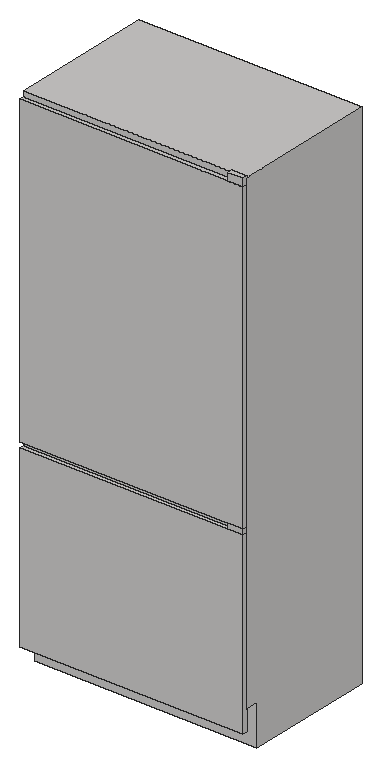
Revit family "RB492704", category Generic Models, Revit 2014
Parameters (values of type "RB492705")
  Width = 908 mm
  URL = "http://www.gaggenau.com."
  Model = "RB492705"
  Manufacturer = "Gaggenau"
  Height = 2125 mm
  Handle = Metal Panel
  Fridge = Metal Panel
  Door = Metal Panel
  Description = "Gaggenau 36\" Two-door Bottom Mount Freezer"
  Depth = 608 mm
Reference planes
  plane 1 "Center (Front/Back)": y = 0
  plane 2: z = 0
  plane 3 "Center (Left/Right)": x = 0
  plane 4: z = 2125
  plane 5: x = -454
  plane 6: x = 454
  plane 7: y = 266.012
  plane 8: y = -341.988
  plane 9: z = 181
  plane 10: z = 102
  plane 11: z = 14.093
  plane 12: z = 824
  plane 13: z = 827
  plane 14: z = 2131
  plane 15: z = 847
  plane 16: z = 2101
  plane 17: y = -268.988
  plane 18: y = -321.988
  plane 19: x = -5
  plane 20: x = 5
  plane 21: x = 393.794
Forms (mm)
  Extrusion 1, solid, material "Metal Panel" <- "Fridge"
    sketch origin (0, 0, 0) x (0, 1, 0) y (0, 0, 1)
      loop
        line (266.012, 2125) -> (-321.988, 2125) -> (-321.988, 181) -> (-268.988, 181) -> (-268.988, 14.093) -> (266.012, 14.093) -> (266.012, 2125)
    from -454 to 454
  Extrusion 2, solid, material "Metal Panel" <- "Door"
    sketch origin (0, 0, 0) x (1, 0, 0) y (0, 0, 1)
      loop
        line (-454, 97.546) -> (454, 97.546) -> (454, 824) -> (-454, 824) -> (-454, 97.546)
      loop
        line (-454, 2101) -> (-454, 847) -> (454, 847) -> (454, 2101) -> (-454, 2101)
    from 321.988 to 341.988
  Extrusion 3, solid, material "Metal Panel" <- "Door"
    sketch origin (0, 0, 0) x (1, 0, 0) y (0, 0, 1)
      loop
        line (454, 2131) -> (393.794, 2131) -> (393.794, 2101) -> (454, 2101) -> (454, 2131)
      loop
        line (454, 847) -> (393.794, 847) -> (393.794, 827) -> (454, 827) -> (454, 847)
    from 321.988 to 341.988
  Extrusion 4, solid, material "Metal Panel" <- "Fridge"
    sketch origin (0, 0, 0) x (1, 0, 0) y (0, 1, 0)
      loop
        circle (-422.403, -159.898) r 11.868
      loop
        circle (-422.403, 159.898) r 11.868
      loop
        circle (422.403, -159.898) r 11.868
      loop
        circle (422.403, 159.898) r 11.868
    from 0 to 14.093
Dimensions and locks
  "Width": plane 5 to plane 6
  plane 7 to plane 8 = 608 mm  (x2)
  plane 4 to plane 2 = 2125 mm
  plane 9 to plane 2 = 181 mm
  plane 10 to plane 2 = 102 mm
  plane 12 to plane 10 = 722 mm
  plane 13 to plane 12 = 3 mm
  plane 14 to plane 13 = 1304 mm
  plane 15 to plane 13 = 20 mm
  plane 14 to plane 16 = 30 mm
  plane 17 to plane 8 = 73 mm
  equal spacing: plane 20, plane 3 "Center (Left/Right)", plane 19
  plane 6 to plane 21 = 60.206 mm
  equal spacing: plane 5, plane 3 "Center (Left/Right)", plane 6
  aligned and locked: level to plane 2
  aligned and locked: plane 5 to Extrusion 1
  aligned and locked: plane 6 to Extrusion 1
  aligned and locked: Extrusion 2 to plane 8
  aligned and locked: Extrusion 2 to Extrusion 1
  aligned and locked: Extrusion 3 to plane 8
  aligned and locked: Extrusion 3 to Extrusion 1
Automatic sketch dimensions
  Extrusion 1 sketch curve to plane 4 = 0 mm
  Extrusion 1 sketch curve to plane 18 = 0 mm
  Extrusion 1 sketch curve to plane 9 = 0 mm
  Extrusion 1 sketch curve to plane 17 = 0 mm
  Extrusion 1 sketch curve to plane 7 = 0 mm
  Extrusion 1 sketch curve to plane 11 = 0 mm
  Extrusion 3 sketch curve to plane 14 = 0 mm
  Extrusion 3 sketch curve to plane 21 = 0 mm
  Extrusion 3 sketch curve to plane 15 = 0 mm
  plane 21 to Extrusion 3 sketch curve = 0 mm
  Extrusion 3 sketch curve to plane 6 = 0 mm  (x2)
  Extrusion 3 sketch curve to plane 16 = 0 mm
  plane 12 to Extrusion 3 sketch curve = 3 mm
  Extrusion 4 sketch curve to plane 5 = 31.597 mm  (x2)
  plane 21 to Extrusion 4 sketch curve = 28.608 mm  (x2)
  Extrusion 4 sketch curve to plane 17 = 109.089 mm  (x2)
  Extrusion 4 sketch curve to plane 7 = 106.114 mm  (x2)
  plane 5 to Extrusion 2 sketch curve = 0 mm  (x2)
  Extrusion 2 sketch curve to plane 6 = 0 mm  (x2)
  Extrusion 2 sketch curve to plane 12 = 0 mm
  Extrusion 2 sketch curve to plane 15 = 0 mm
  Extrusion 2 sketch curve to plane 16 = 0 mm
  Extrusion 2 sketch curve to plane 10 = 4.454 mm
  radius of Extrusion 4 sketch curve = 11.868 mm  (x4)
